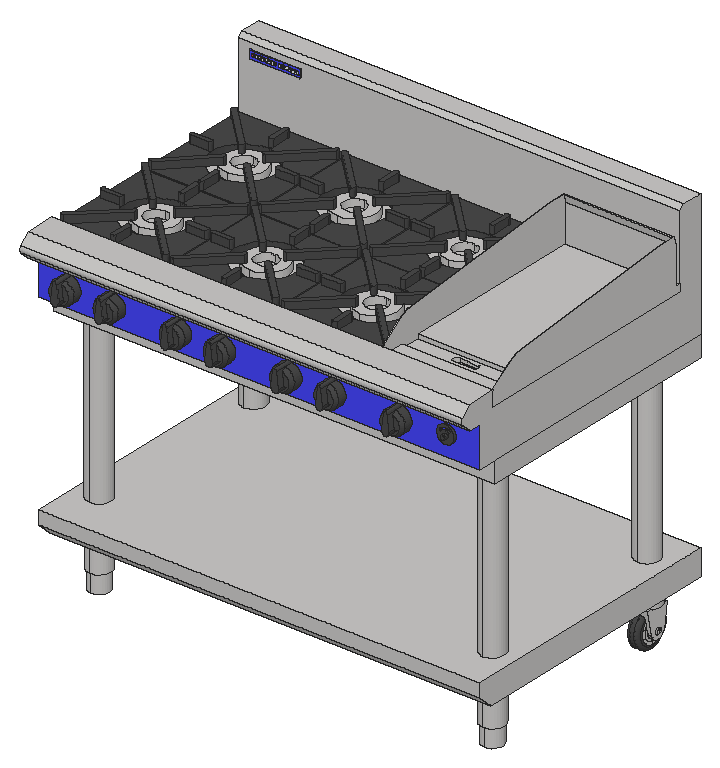
Revit family "QF_MOFFAT_BLUESEAL_CE_G518C-LS", category Specialty Equipment, Revit 2012 (continued)
Definition of nested family "GAS BURNER 900 & GRIDDLE 300"
  Definition of nested family "GAS BURNER 900"
    Lines and regions (mm)
      symbolic lines
        curve 126: spline (6.102, -603.347, 0) -> (5.341, -604.416, 0) -> (4.941, -605.721, 0) -> (4.928, -607.172, 0) -> (5.303, -608.671, 0) -> (6.041, -610.116, 0) -> (7.092, -611.408, 0) -> (8.384, -612.459, 0) -> (9.829, -613.197, 0) -> (11.328, -613.572, 0) -> (12.779, -613.559, 0) -> (14.084, -613.159, 0) -> (15.153, -612.398, 0)
        curve 127: line (15.153, -612.398, 0) -> (123.076, -505.975, 0)
        curve 128: spline (123.076, -505.975, 0) -> (123.837, -504.905, 0) -> (124.238, -503.601, 0) -> (124.251, -502.149, 0) -> (123.875, -500.65, 0) -> (123.137, -499.205, 0) -> (122.086, -497.914, 0) -> (120.795, -496.863, 0) -> (119.35, -496.125, 0) -> (117.851, -495.749, 0) -> (116.399, -495.762, 0) -> (115.095, -496.163, 0) -> (114.025, -496.924, 0)
        curve 129: line (156.4, -609.602, 0) -> (156.4, -561.898, 0)
        curve 130: spline (156.4, -561.898, 0) -> (156.182, -560.604, 0) -> (155.543, -559.398, 0) -> (154.525, -558.362, 0) -> (153.2, -557.568, 0) -> (151.656, -557.068, 0) -> (150, -556.898, 0) -> (148.344, -557.068, 0) -> (146.8, -557.568, 0) -> (145.475, -558.362, 0) -> (144.457, -559.398, 0) -> (143.818, -560.604, 0) -> (143.6, -561.898, 0)
        curve 131: line (143.6, -561.898, 0) -> (143.6, -609.602, 0)
        curve 132: spline (143.6, -609.602, 0) -> (143.818, -610.896, 0) -> (144.457, -612.102, 0) -> (145.475, -613.138, 0) -> (146.8, -613.932, 0) -> (148.344, -614.432, 0) -> (150, -614.602, 0) -> (151.656, -614.432, 0) -> (153.2, -613.932, 0) -> (154.525, -613.138, 0) -> (155.543, -612.102, 0) -> (156.182, -610.896, 0) -> (156.4, -609.602, 0)
        curve 133: line (176.924, -505.975, 0) -> (284.847, -612.398, 0)
        curve 134: spline (284.847, -612.398, 0) -> (285.916, -613.159, 0) -> (287.221, -613.559, 0) -> (288.672, -613.572, 0) -> (290.171, -613.197, 0) -> (291.616, -612.459, 0) -> (292.908, -611.408, 0) -> (293.959, -610.116, 0) -> (294.697, -608.671, 0) -> (295.072, -607.172, 0) -> (295.059, -605.721, 0) -> (294.659, -604.416, 0) -> (293.898, -603.347, 0)
        curve 135: line (293.898, -603.347, 0) -> (185.975, -496.924, 0)
        curve 136: spline (185.975, -496.924, 0) -> (184.905, -496.163, 0) -> (183.601, -495.762, 0) -> (182.149, -495.749, 0) -> (180.65, -496.125, 0) -> (179.205, -496.863, 0) -> (177.914, -497.914, 0) -> (176.863, -499.205, 0) -> (176.125, -500.65, 0) -> (175.749, -502.149, 0) -> (175.762, -503.601, 0) -> (176.163, -504.905, 0) -> (176.924, -505.975, 0)
        curve 137: arc (149.991, -384.418, 0) -> (179.687, -389.836, 0) -> (205.556, -405.393, 0) r 84.082
        curve 138: arc (149.991, -552.582, 0) -> (121.173, -547.489, 0) -> (95.845, -532.827, 0) r 84.082
        curve 139: arc (150, -523.5, 0) -> (167.666, -520.693, 0) -> (183.592, -512.55, 0) r 57
        curve 140: arc (150, -409.5, 0) -> (130.014, -413.119, 0) -> (112.566, -423.515, 0) r 57
        curve 141: arc (150, -436.5, 0) -> (180, -466.5, 0) -> (150, -496.5, 0) r 30
        curve 142: arc (150, -496.5, 0) -> (120, -466.5, 0) -> (150, -436.5, 0) r 30
        curve 143: line (291.102, -463.6, 0) -> (241.898, -463.6, 0)
        curve 144: spline (241.898, -463.6, 0) -> (240.604, -463.818, 0) -> (239.398, -464.457, 0) -> (238.362, -465.475, 0) -> (237.568, -466.8, 0) -> (237.068, -468.344, 0) -> (236.898, -470, 0) -> (237.068, -471.656, 0) -> (237.568, -473.2, 0) -> (238.362, -474.525, 0) -> (239.398, -475.543, 0) -> (240.604, -476.182, 0) -> (241.898, -476.4, 0)
        curve 145: line (241.898, -476.4, 0) -> (291.102, -476.4, 0)
        curve 146: spline (291.102, -476.4, 0) -> (292.396, -476.182, 0) -> (293.602, -475.543, 0) -> (294.638, -474.525, 0) -> (295.432, -473.2, 0) -> (295.932, -471.656, 0) -> (296.102, -470, 0) -> (295.932, -468.344, 0) -> (295.432, -466.8, 0) -> (294.638, -465.475, 0) -> (293.602, -464.457, 0) -> (292.396, -463.818, 0) -> (291.102, -463.6, 0)
        curve 147: line (423.076, -434.025, 0) -> (315.153, -326.102, 0)
        curve 148: spline (315.153, -326.102, 0) -> (314.084, -325.341, 0) -> (312.779, -324.941, 0) -> (311.328, -324.928, 0) -> (309.829, -325.303, 0) -> (308.384, -326.041, 0) -> (307.092, -327.092, 0) -> (306.041, -328.384, 0) -> (305.303, -329.829, 0) -> (304.928, -331.328, 0) -> (304.941, -332.779, 0) -> (305.341, -334.084, 0) -> (306.102, -335.153, 0)
        curve 149: line (306.102, -335.153, 0) -> (414.025, -443.076, 0)
        curve 150: spline (414.025, -443.076, 0) -> (415.095, -443.837, 0) -> (416.399, -444.238, 0) -> (417.851, -444.251, 0) -> (419.35, -443.875, 0) -> (420.795, -443.137, 0) -> (422.086, -442.086, 0) -> (423.137, -440.795, 0) -> (423.875, -439.35, 0) -> (424.251, -437.851, 0) -> (424.238, -436.399, 0) -> (423.837, -435.095, 0) -> (423.076, -434.025, 0)
        curve 151: line (443.6, -328.898, 0) -> (443.6, -378.102, 0)
        curve 152: spline (443.6, -378.102, 0) -> (443.818, -379.396, 0) -> (444.457, -380.602, 0) -> (445.475, -381.638, 0) -> (446.8, -382.432, 0) -> (448.344, -382.932, 0) -> (450, -383.102, 0) -> (451.656, -382.932, 0) -> (453.2, -382.432, 0) -> (454.525, -381.638, 0) -> (455.543, -380.602, 0) -> (456.182, -379.396, 0) -> (456.4, -378.102, 0)
        curve 153: line (456.4, -378.102, 0) -> (456.4, -328.898, 0)
        curve 154: spline (456.4, -328.898, 0) -> (456.182, -327.604, 0) -> (455.543, -326.398, 0) -> (454.525, -325.362, 0) -> (453.2, -324.568, 0) -> (451.656, -324.068, 0) -> (450, -323.898, 0) -> (448.344, -324.068, 0) -> (446.8, -324.568, 0) -> (445.475, -325.362, 0) -> (444.457, -326.398, 0) -> (443.818, -327.604, 0) -> (443.6, -328.898, 0)
        curve 155: line (584.847, -326.102, 0) -> (476.924, -434.025, 0)
        curve 156: spline (476.924, -434.025, 0) -> (476.163, -435.095, 0) -> (475.762, -436.399, 0) -> (475.749, -437.851, 0) -> (476.125, -439.35, 0) -> (476.863, -440.795, 0) -> (477.914, -442.086, 0) -> (479.205, -443.137, 0) -> (480.65, -443.875, 0) -> (482.149, -444.251, 0) -> (483.601, -444.238, 0) -> (484.905, -443.837, 0) -> (485.975, -443.076, 0)
        curve 157: line (485.975, -443.076, 0) -> (593.898, -335.153, 0)
        curve 158: spline (593.898, -335.153, 0) -> (594.819, -333.924, 0) -> (595.369, -332.47, 0) -> (595.51, -330.89, 0) -> (595.233, -329.292, 0) -> (594.557, -327.786, 0) -> (593.527, -326.473, 0) -> (592.214, -325.443, 0) -> (590.708, -324.767, 0) -> (589.11, -324.49, 0) -> (587.53, -324.631, 0) -> (586.076, -325.181, 0) -> (584.847, -326.102, 0)
        curve 159: line (591.102, -463.6, 0) -> (541.898, -463.6, 0)
        curve 160: spline (541.898, -463.6, 0) -> (540.604, -463.818, 0) -> (539.398, -464.457, 0) -> (538.362, -465.475, 0) -> (537.568, -466.8, 0) -> (537.068, -468.344, 0) -> (536.898, -470, 0) -> (537.068, -471.656, 0) -> (537.568, -473.2, 0) -> (538.362, -474.525, 0) -> (539.398, -475.543, 0) -> (540.604, -476.182, 0) -> (541.898, -476.4, 0)
        curve 161: line (541.898, -476.4, 0) -> (591.102, -476.4, 0)
        curve 162: spline (591.102, -476.4, 0) -> (592.396, -476.182, 0) -> (593.602, -475.543, 0) -> (594.638, -474.525, 0) -> (595.432, -473.2, 0) -> (595.932, -471.656, 0) -> (596.102, -470, 0) -> (595.932, -468.344, 0) -> (595.432, -466.8, 0) -> (594.638, -465.475, 0) -> (593.602, -464.457, 0) -> (592.396, -463.818, 0) -> (591.102, -463.6, 0)
        curve 163: line (593.898, -603.347, 0) -> (485.975, -496.924, 0)
        curve 164: spline (485.975, -496.924, 0) -> (484.905, -496.163, 0) -> (483.601, -495.762, 0) -> (482.149, -495.749, 0) -> (480.65, -496.125, 0) -> (479.205, -496.863, 0) -> (477.914, -497.914, 0) -> (476.863, -499.205, 0) -> (476.125, -500.65, 0) -> (475.749, -502.149, 0) -> (475.762, -503.601, 0) -> (476.163, -504.905, 0) -> (476.924, -505.975, 0)
        curve 165: line (476.924, -505.975, 0) -> (584.847, -612.398, 0)
        curve 166: spline (584.847, -612.398, 0) -> (585.916, -613.159, 0) -> (587.221, -613.559, 0) -> (588.672, -613.572, 0) -> (590.171, -613.197, 0) -> (591.616, -612.459, 0) -> (592.908, -611.408, 0) -> (593.959, -610.116, 0) -> (594.697, -608.671, 0) -> (595.072, -607.172, 0) -> (595.059, -605.721, 0) -> (594.659, -604.416, 0) -> (593.898, -603.347, 0)
        curve 167: line (315.153, -612.398, 0) -> (423.076, -505.975, 0)
        curve 168: spline (423.076, -505.975, 0) -> (423.837, -504.905, 0) -> (424.238, -503.601, 0) -> (424.251, -502.149, 0) -> (423.875, -500.65, 0) -> (423.137, -499.205, 0) -> (422.086, -497.914, 0) -> (420.795, -496.863, 0) -> (419.35, -496.125, 0) -> (417.851, -495.749, 0) -> (416.399, -495.762, 0) -> (415.095, -496.163, 0) -> (414.025, -496.924, 0)
        curve 169: line (414.025, -496.924, 0) -> (306.102, -603.347, 0)
        curve 170: spline (306.102, -603.347, 0) -> (305.341, -604.416, 0) -> (304.941, -605.721, 0) -> (304.928, -607.172, 0) -> (305.303, -608.671, 0) -> (306.041, -610.116, 0) -> (307.092, -611.408, 0) -> (308.384, -612.459, 0) -> (309.829, -613.197, 0) -> (311.328, -613.572, 0) -> (312.779, -613.559, 0) -> (314.084, -613.159, 0) -> (315.153, -612.398, 0)
        curve 171: line (308.898, -476.4, 0) -> (358.102, -476.4, 0)
        curve 172: spline (358.102, -476.4, 0) -> (359.396, -476.182, 0) -> (360.602, -475.543, 0) -> (361.638, -474.525, 0) -> (362.432, -473.2, 0) -> (362.932, -471.656, 0) -> (363.102, -470, 0) -> (362.932, -468.344, 0) -> (362.432, -466.8, 0) -> (361.638, -465.475, 0) -> (360.602, -464.457, 0) -> (359.396, -463.818, 0) -> (358.102, -463.6, 0)
        curve 173: line (358.102, -463.6, 0) -> (308.898, -463.6, 0)
        curve 174: spline (308.898, -463.6, 0) -> (307.604, -463.818, 0) -> (306.398, -464.457, 0) -> (305.362, -465.475, 0) -> (304.568, -466.8, 0) -> (304.068, -468.344, 0) -> (303.898, -470, 0) -> (304.068, -471.656, 0) -> (304.568, -473.2, 0) -> (305.362, -474.525, 0) -> (306.398, -475.543, 0) -> (307.604, -476.182, 0) -> (308.898, -476.4, 0)
        curve 175: line (456.4, -609.602, 0) -> (456.4, -561.898, 0)
        curve 176: spline (456.4, -561.898, 0) -> (456.182, -560.604, 0) -> (455.543, -559.398, 0) -> (454.525, -558.362, 0) -> (453.2, -557.568, 0) -> (451.656, -557.068, 0) -> (450, -556.898, 0) -> (448.344, -557.068, 0) -> (446.8, -557.568, 0) -> (445.475, -558.362, 0) -> (444.457, -559.398, 0) -> (443.818, -560.604, 0) -> (443.6, -561.898, 0)
        curve 177: line (443.6, -561.898, 0) -> (443.6, -609.602, 0)
        curve 178: spline (443.6, -609.602, 0) -> (443.818, -610.896, 0) -> (444.457, -612.102, 0) -> (445.475, -613.138, 0) -> (446.8, -613.932, 0) -> (448.344, -614.432, 0) -> (450, -614.602, 0) -> (451.656, -614.432, 0) -> (453.2, -613.932, 0) -> (454.525, -613.138, 0) -> (455.543, -612.102, 0) -> (456.182, -610.896, 0) -> (456.4, -609.602, 0)
        curve 179: arc (450.009, -384.418, 0) -> (479.699, -389.834, 0) -> (505.564, -405.385, 0) r 84.082
        curve 180: arc (450.009, -552.582, 0) -> (417.885, -546.204, 0) -> (390.635, -528.036, 0) r 84.082
        curve 181: arc (450, -523.5, 0) -> (467.666, -520.693, 0) -> (483.592, -512.55, 0) r 57
        curve 182: arc (450, -409.5, 0) -> (430.014, -413.119, 0) -> (412.566, -423.515, 0) r 57
        curve 183: arc (450, -436.5, 0) -> (480, -466.5, 0) -> (450, -496.5, 0) r 30
        curve 184: arc (450, -496.5, 0) -> (420, -466.5, 0) -> (450, -436.5, 0) r 30
        curve 185: arc (96.324, -103.773, 0) -> (121.466, -89.404, 0) -> (149.991, -84.418, 0) r 84.082
        curve 186: arc (212.871, -112.68, 0) -> (234.066, -167.408, 0) -> (214.3, -222.668, 0) r 84.082
        curve 187: arc (194.454, -202.178, 0) -> (207, -166.598, 0) -> (194.576, -130.975, 0) r 57
        curve 188: arc (114.628, -211.197, 0) -> (131.275, -220.336, 0) -> (150, -223.5, 0) r 57
        curve 189: arc (405.424, -130.975, 0) -> (393, -166.598, 0) -> (405.546, -202.178, 0) r 57
        curve 190: arc (485.525, -121.924, 0) -> (468.817, -112.696, 0) -> (450, -109.5, 0) r 57
        curve 191: arc (494.454, -202.178, 0) -> (507, -166.598, 0) -> (494.576, -130.975, 0) r 57
        curve 192: arc (414.628, -211.197, 0) -> (431.275, -220.336, 0) -> (450, -223.5, 0) r 57
        curve 193: arc (105.424, -130.975, 0) -> (93, -166.598, 0) -> (105.546, -202.178, 0) r 57
        curve 194: arc (514.501, -414.55, 0) -> (534.086, -469.429, 0) -> (513.293, -523.862, 0) r 84.082
        curve 195: arc (504.155, -532.827, 0) -> (478.827, -547.489, 0) -> (450.009, -552.582, 0) r 84.082
        curve 196: arc (493.031, -503.881, 0) -> (506.947, -468.956, 0) -> (496.089, -432.962, 0) r 57
        curve 197: arc (416.408, -512.55, 0) -> (432.334, -520.693, 0) -> (450, -523.5, 0) r 57
        curve 198: arc (403.911, -432.962, 0) -> (393.053, -468.956, 0) -> (406.969, -503.881, 0) r 57
        curve 199: arc (487.434, -423.515, 0) -> (469.986, -413.119, 0) -> (450, -409.5, 0) r 57
        curve 200: arc (187.434, -423.515, 0) -> (169.986, -413.119, 0) -> (150, -409.5, 0) r 57
        curve 201: arc (103.911, -432.962, 0) -> (93.053, -468.956, 0) -> (106.969, -503.881, 0) r 57
        curve 202: arc (109.732, -506.842, 0) -> (110.614, -507.704, 0) -> (111.516, -508.547, 0) r 57
        curve 203: arc (193.031, -503.881, 0) -> (206.947, -468.956, 0) -> (196.089, -432.962, 0) r 57
        curve 204: arc (214.491, -414.56, 0) -> (234.068, -469.429, 0) -> (213.283, -523.853, 0) r 84.082
        curve 205: arc (94.436, -405.385, 0) -> (120.301, -389.834, 0) -> (149.991, -384.418, 0) r 84.082
        curve 206: arc (86.707, -523.862, 0) -> (65.914, -469.429, 0) -> (85.499, -414.55, 0) r 84.082
        curve 207: arc (116.408, -512.55, 0) -> (132.334, -520.693, 0) -> (150, -523.5, 0) r 57
        curve 208: arc (204.147, -532.819, 0) -> (178.816, -547.487, 0) -> (149.991, -552.582, 0) r 84.082
        curve 209: arc (394.444, -405.393, 0) -> (420.313, -389.836, 0) -> (450.009, -384.418, 0) r 84.082
        curve 210: arc (390.635, -528.036, 0) -> (366.012, -472.294, 0) -> (385.509, -414.56, 0) r 84.082
        curve 211: arc (185.525, -121.924, 0) -> (168.817, -112.696, 0) -> (150, -109.5, 0) r 57
        curve 212: arc (396.332, -103.781, 0) -> (421.477, -89.406, 0) -> (450.009, -84.418, 0) r 84.082
        curve 213: arc (512.881, -112.67, 0) -> (534.084, -167.408, 0) -> (514.31, -222.678, 0) r 84.082
        curve 214: arc (505.339, -231.812, 0) -> (479.559, -247.219, 0) -> (450.009, -252.582, 0) r 84.082
        curve 215: arc (385.7, -222.668, 0) -> (365.934, -167.408, 0) -> (387.129, -112.68, 0) r 84.082
        curve 216: arc (205.331, -231.803, 0) -> (179.547, -247.216, 0) -> (149.991, -252.582, 0) r 84.082
        curve 217: arc (85.69, -222.678, 0) -> (65.916, -167.408, 0) -> (87.119, -112.67, 0) r 84.082
        curve 218: spline (724.076, -130.525, 0) -> (724.837, -131.595, 0) -> (725.238, -132.899, 0) -> (725.251, -134.351, 0) -> (724.875, -135.85, 0) -> (724.137, -137.295, 0) -> (723.086, -138.586, 0) -> (721.795, -139.637, 0) -> (720.35, -140.375, 0) -> (718.851, -140.751, 0) -> (717.399, -140.738, 0) -> (716.095, -140.337, 0) -> (715.025, -139.576, 0)
        curve 219: spline (659.102, -160.1, 0) -> (660.396, -160.318, 0) -> (661.602, -160.957, 0) -> (662.638, -161.975, 0) -> (663.432, -163.3, 0) -> (663.932, -164.844, 0) -> (664.102, -166.5, 0) -> (663.932, -168.156, 0) -> (663.432, -169.7, 0) -> (662.638, -171.025, 0) -> (661.602, -172.043, 0) -> (660.396, -172.682, 0) -> (659.102, -172.9, 0)
        curve 220: arc (751, -223.5, 0) -> (732.275, -220.336, 0) -> (715.628, -211.197, 0) r 57
        curve 221: arc (751, -109.5, 0) -> (769.817, -112.696, 0) -> (786.525, -121.924, 0) r 57
        curve 222: arc (751.009, -84.418, 0) -> (722.477, -89.406, 0) -> (697.332, -103.781, 0) r 84.082
        curve 223: arc (751.009, -252.582, 0) -> (780.559, -247.219, 0) -> (806.339, -231.812, 0) r 84.082
        curve 224: line (744.6, -74.602, 0) -> (744.6, -25.398, 0)
        curve 225: spline (744.6, -25.398, 0) -> (744.818, -24.104, 0) -> (745.457, -22.898, 0) -> (746.475, -21.862, 0) -> (747.8, -21.068, 0) -> (749.344, -20.568, 0) -> (751, -20.398, 0) -> (752.656, -20.568, 0) -> (754.2, -21.068, 0) -> (755.525, -21.862, 0) -> (756.543, -22.898, 0) -> (757.182, -24.104, 0) -> (757.4, -25.398, 0)
        curve 226: line (757.4, -25.398, 0) -> (757.4, -74.602, 0)
        curve 227: spline (757.4, -74.602, 0) -> (757.182, -75.896, 0) -> (756.543, -77.102, 0) -> (755.525, -78.138, 0) -> (754.2, -78.932, 0) -> (752.656, -79.432, 0) -> (751, -79.602, 0) -> (749.344, -79.432, 0) -> (747.8, -78.932, 0) -> (746.475, -78.138, 0) -> (745.457, -77.102, 0) -> (744.818, -75.896, 0) -> (744.6, -74.602, 0)
        curve 228: arc (897, 0, 0) -> (899.121, -0.879, 0) -> (900, -3, 0) r 3
        curve 229: line (900, -3, 0) -> (900, -315.5, 0)
        curve 230: arc (900, -315.5, 0) -> (899.121, -317.621, 0) -> (897, -318.5, 0) r 3
        curve 231: arc (897, -321.5, 0) -> (899.121, -322.379, 0) -> (900, -324.5, 0) r 3
        curve 232: line (900, -324.5, 0) -> (900, -632, 0)
        curve 233: arc (900, -632, 0) -> (899.121, -634.121, 0) -> (897, -635, 0) r 3
        curve 234: spline (715.025, -193.424, 0) -> (716.095, -192.663, 0) -> (717.399, -192.262, 0) -> (718.851, -192.249, 0) -> (720.35, -192.625, 0) -> (721.795, -193.363, 0) -> (723.086, -194.414, 0) -> (724.137, -195.705, 0) -> (724.875, -197.15, 0) -> (725.251, -198.649, 0) -> (725.238, -200.101, 0) -> (724.837, -201.405, 0) -> (724.076, -202.475, 0)
        curve 235: line (885.847, -313.898, 0) -> (777.924, -202.475, 0)
        curve 236: spline (777.924, -202.475, 0) -> (777.163, -201.405, 0) -> (776.762, -200.101, 0) -> (776.749, -198.649, 0) -> (777.125, -197.15, 0) -> (777.863, -195.705, 0) -> (778.914, -194.414, 0) -> (780.205, -193.363, 0) -> (781.65, -192.625, 0) -> (783.149, -192.249, 0) -> (784.601, -192.262, 0) -> (785.905, -192.663, 0) -> (786.975, -193.424, 0)
        curve 237: line (786.975, -193.424, 0) -> (894.898, -304.847, 0)
        curve 238: spline (894.898, -304.847, 0) -> (895.659, -305.916, 0) -> (896.059, -307.221, 0) -> (896.072, -308.672, 0) -> (895.697, -310.171, 0) -> (894.959, -311.616, 0) -> (893.908, -312.908, 0) -> (892.616, -313.959, 0) -> (891.171, -314.697, 0) -> (889.672, -315.072, 0) -> (888.221, -315.059, 0) -> (886.916, -314.659, 0) -> (885.847, -313.898, 0)
        curve 239: line (892.102, -172.9, 0) -> (842.898, -172.9, 0)
        curve 240: spline (842.898, -172.9, 0) -> (841.604, -172.682, 0) -> (840.398, -172.043, 0) -> (839.362, -171.025, 0) -> (838.568, -169.7, 0) -> (838.068, -168.156, 0) -> (837.898, -166.5, 0) -> (838.068, -164.844, 0) -> (838.568, -163.3, 0) -> (839.362, -161.975, 0) -> (840.398, -160.957, 0) -> (841.604, -160.318, 0) -> (842.898, -160.1, 0)
        curve 241: line (842.898, -160.1, 0) -> (892.102, -160.1, 0)
        curve 242: spline (892.102, -160.1, 0) -> (893.396, -160.318, 0) -> (894.602, -160.957, 0) -> (895.638, -161.975, 0) -> (896.432, -163.3, 0) -> (896.932, -164.844, 0) -> (897.102, -166.5, 0) -> (896.932, -168.156, 0) -> (896.432, -169.7, 0) -> (895.638, -171.025, 0) -> (894.602, -172.043, 0) -> (893.396, -172.682, 0) -> (892.102, -172.9, 0)
        curve 243: line (894.898, -31.653, 0) -> (786.975, -139.576, 0)
        curve 244: spline (786.975, -139.576, 0) -> (785.905, -140.337, 0) -> (784.601, -140.738, 0) -> (783.149, -140.751, 0) -> (781.65, -140.375, 0) -> (780.205, -139.637, 0) -> (778.914, -138.586, 0) -> (777.863, -137.295, 0) -> (777.125, -135.85, 0) -> (776.749, -134.351, 0) -> (776.762, -132.899, 0) -> (777.163, -131.595, 0) -> (777.924, -130.525, 0)
        curve 245: line (777.924, -130.525, 0) -> (885.847, -22.602, 0)
        curve 246: spline (885.847, -22.602, 0) -> (887.076, -21.681, 0) -> (888.53, -21.131, 0) -> (890.11, -20.99, 0) -> (891.708, -21.267, 0) -> (893.214, -21.943, 0) -> (894.527, -22.973, 0) -> (895.557, -24.286, 0) -> (896.233, -25.792, 0) -> (896.51, -27.39, 0) -> (896.369, -28.97, 0) -> (895.819, -30.424, 0) -> (894.898, -31.653, 0)
        curve 247: arc (751, -136.5, 0) -> (721, -166.5, 0) -> (751, -196.5, 0) r 30
        curve 248: arc (751, -196.5, 0) -> (781, -166.5, 0) -> (751, -136.5, 0) r 30
        curve 249: line (744.6, -311.102, 0) -> (744.6, -261.898, 0)
        curve 250: spline (744.6, -261.898, 0) -> (744.818, -260.604, 0) -> (745.457, -259.398, 0) -> (746.475, -258.362, 0) -> (747.8, -257.568, 0) -> (749.344, -257.068, 0) -> (751, -256.898, 0) -> (752.656, -257.068, 0) -> (754.2, -257.568, 0) -> (755.525, -258.362, 0) -> (756.543, -259.398, 0) -> (757.182, -260.604, 0) -> (757.4, -261.898, 0)
        curve 251: line (757.4, -261.898, 0) -> (757.4, -311.102, 0)
        curve 252: spline (757.4, -311.102, 0) -> (757.182, -312.396, 0) -> (756.543, -313.602, 0) -> (755.525, -314.638, 0) -> (754.2, -315.432, 0) -> (752.656, -315.932, 0) -> (751, -316.102, 0) -> (749.344, -315.932, 0) -> (747.8, -315.432, 0) -> (746.475, -314.638, 0) -> (745.457, -313.602, 0) -> (744.818, -312.396, 0) -> (744.6, -311.102, 0)
        curve 253: line (744.6, -378.102, 0) -> (744.6, -328.898, 0)
        curve 254: spline (744.6, -328.898, 0) -> (744.818, -327.604, 0) -> (745.457, -326.398, 0) -> (746.475, -325.362, 0) -> (747.8, -324.568, 0) -> (749.344, -324.068, 0) -> (751, -323.898, 0) -> (752.656, -324.068, 0) -> (754.2, -324.568, 0) -> (755.525, -325.362, 0) -> (756.543, -326.398, 0) -> (757.182, -327.604, 0) -> (757.4, -328.898, 0)
        curve 255: line (757.4, -328.898, 0) -> (757.4, -378.102, 0)
        curve 256: spline (757.4, -378.102, 0) -> (757.182, -379.396, 0) -> (756.543, -380.602, 0) -> (755.525, -381.638, 0) -> (754.2, -382.432, 0) -> (752.656, -382.932, 0) -> (751, -383.102, 0) -> (749.344, -382.932, 0) -> (747.8, -382.432, 0) -> (746.475, -381.638, 0) -> (745.457, -380.602, 0) -> (744.818, -379.396, 0) -> (744.6, -378.102, 0)
        curve 257: spline (724.076, -434.025, 0) -> (724.837, -435.095, 0) -> (725.238, -436.399, 0) -> (725.251, -437.851, 0) -> (724.875, -439.35, 0) -> (724.137, -440.795, 0) -> (723.086, -442.086, 0) -> (721.795, -443.137, 0) -> (720.35, -443.875, 0) -> (718.851, -444.251, 0) -> (717.399, -444.238, 0) -> (716.095, -443.837, 0) -> (715.025, -443.076, 0)
        curve 258: line (777.924, -434.025, 0) -> (885.847, -326.102, 0)
        curve 259: spline (885.847, -326.102, 0) -> (887.076, -325.181, 0) -> (888.53, -324.631, 0) -> (890.11, -324.49, 0) -> (891.708, -324.767, 0) -> (893.214, -325.443, 0) -> (894.527, -326.473, 0) -> (895.557, -327.786, 0) -> (896.233, -329.292, 0) -> (896.51, -330.89, 0) -> (896.369, -332.47, 0) -> (895.819, -333.924, 0) -> (894.898, -335.153, 0)
        curve 260: line (894.898, -335.153, 0) -> (786.975, -443.076, 0)
        curve 261: spline (786.975, -443.076, 0) -> (785.905, -443.837, 0) -> (784.601, -444.238, 0) -> (783.149, -444.251, 0) -> (781.65, -443.875, 0) -> (780.205, -443.137, 0) -> (778.914, -442.086, 0) -> (777.863, -440.795, 0) -> (777.125, -439.35, 0) -> (776.749, -437.851, 0) -> (776.762, -436.399, 0) -> (777.163, -435.095, 0) -> (777.924, -434.025, 0)
        curve 262: line (842.898, -463.6, 0) -> (892.102, -463.6, 0)
        curve 263: spline (892.102, -463.6, 0) -> (893.396, -463.818, 0) -> (894.602, -464.457, 0) -> (895.638, -465.475, 0) -> (896.432, -466.8, 0) -> (896.932, -468.344, 0) -> (897.102, -470, 0) -> (896.932, -471.656, 0) -> (896.432, -473.2, 0) -> (895.638, -474.525, 0) -> (894.602, -475.543, 0) -> (893.396, -476.182, 0) -> (892.102, -476.4, 0)
        curve 264: line (892.102, -476.4, 0) -> (842.898, -476.4, 0)
        curve 265: spline (842.898, -476.4, 0) -> (841.604, -476.182, 0) -> (840.398, -475.543, 0) -> (839.362, -474.525, 0) -> (838.568, -473.2, 0) -> (838.068, -471.656, 0) -> (837.898, -470, 0) -> (838.068, -468.344, 0) -> (838.568, -466.8, 0) -> (839.362, -465.475, 0) -> (840.398, -464.457, 0) -> (841.604, -463.818, 0) -> (842.898, -463.6, 0)
        curve 266: line (786.975, -496.924, 0) -> (894.898, -603.347, 0)
        curve 267: spline (894.898, -603.347, 0) -> (895.659, -604.416, 0) -> (896.059, -605.721, 0) -> (896.072, -607.172, 0) -> (895.697, -608.671, 0) -> (894.959, -610.116, 0) -> (893.908, -611.408, 0) -> (892.616, -612.459, 0) -> (891.171, -613.197, 0) -> (889.672, -613.572, 0) -> (888.221, -613.559, 0) -> (886.916, -613.159, 0) -> (885.847, -612.398, 0)
        curve 268: line (885.847, -612.398, 0) -> (777.924, -505.975, 0)
        curve 269: spline (777.924, -505.975, 0) -> (777.163, -504.905, 0) -> (776.762, -503.601, 0) -> (776.749, -502.149, 0) -> (777.125, -500.65, 0) -> (777.863, -499.205, 0) -> (778.914, -497.914, 0) -> (780.205, -496.863, 0) -> (781.65, -496.125, 0) -> (783.149, -495.749, 0) -> (784.601, -495.762, 0) -> (785.905, -496.163, 0) -> (786.975, -496.924, 0)
        curve 270: line (744.6, -609.602, 0) -> (744.6, -561.898, 0)
        curve 271: spline (744.6, -561.898, 0) -> (744.818, -560.604, 0) -> (745.457, -559.398, 0) -> (746.475, -558.362, 0) -> (747.8, -557.568, 0) -> (749.344, -557.068, 0) -> (751, -556.898, 0) -> (752.656, -557.068, 0) -> (754.2, -557.568, 0) -> (755.525, -558.362, 0) -> (756.543, -559.398, 0) -> (757.182, -560.604, 0) -> (757.4, -561.898, 0)
        curve 272: line (757.4, -561.898, 0) -> (757.4, -609.602, 0)
        curve 273: spline (757.4, -609.602, 0) -> (757.182, -610.896, 0) -> (756.543, -612.102, 0) -> (755.525, -613.138, 0) -> (754.2, -613.932, 0) -> (752.656, -614.432, 0) -> (751, -614.602, 0) -> (749.344, -614.432, 0) -> (747.8, -613.932, 0) -> (746.475, -613.138, 0) -> (745.457, -612.102, 0) -> (744.818, -610.896, 0) -> (744.6, -609.602, 0)
        curve 274: spline (715.025, -496.924, 0) -> (716.095, -496.163, 0) -> (717.399, -495.762, 0) -> (718.851, -495.749, 0) -> (720.35, -496.125, 0) -> (721.795, -496.863, 0) -> (723.086, -497.914, 0) -> (724.137, -499.205, 0) -> (724.875, -500.65, 0) -> (725.251, -502.149, 0) -> (725.238, -503.601, 0) -> (724.837, -504.905, 0) -> (724.076, -505.975, 0)
        curve 275: arc (751.009, -384.418, 0) -> (721.313, -389.836, 0) -> (695.444, -405.393, 0) r 84.082
        curve 276: arc (751.009, -552.582, 0) -> (779.827, -547.489, 0) -> (805.155, -532.827, 0) r 84.082
        curve 277: arc (751, -523.5, 0) -> (733.334, -520.693, 0) -> (717.408, -512.55, 0) r 57
        curve 278: arc (751, -409.5, 0) -> (770.986, -413.119, 0) -> (788.434, -423.515, 0) r 57
        curve 279: arc (751, -436.5, 0) -> (721, -466.5, 0) -> (751, -496.5, 0) r 30
        curve 280: arc (751, -496.5, 0) -> (781, -466.5, 0) -> (751, -436.5, 0) r 30
        curve 281: spline (659.102, -463.6, 0) -> (660.396, -463.818, 0) -> (661.602, -464.457, 0) -> (662.638, -465.475, 0) -> (663.432, -466.8, 0) -> (663.932, -468.344, 0) -> (664.102, -470, 0) -> (663.932, -471.656, 0) -> (663.432, -473.2, 0) -> (662.638, -474.525, 0) -> (661.602, -475.543, 0) -> (660.396, -476.182, 0) -> (659.102, -476.4, 0)
        curve 282: arc (804.676, -103.773, 0) -> (779.534, -89.404, 0) -> (751.009, -84.418, 0) r 84.082
        curve 283: arc (688.129, -112.68, 0) -> (666.934, -167.408, 0) -> (686.7, -222.668, 0) r 84.082
        curve 284: arc (706.546, -202.178, 0) -> (694, -166.598, 0) -> (706.424, -130.975, 0) r 57
        curve 285: arc (786.372, -211.197, 0) -> (769.725, -220.336, 0) -> (751, -223.5, 0) r 57
        curve 286: arc (795.576, -130.975, 0) -> (808, -166.598, 0) -> (795.454, -202.178, 0) r 57
        curve 287: arc (713.566, -423.515, 0) -> (731.014, -413.119, 0) -> (751, -409.5, 0) r 57
        curve 288: arc (797.089, -432.962, 0) -> (807.947, -468.956, 0) -> (794.031, -503.881, 0) r 57
        curve 289: arc (791.268, -506.842, 0) -> (790.386, -507.704, 0) -> (789.484, -508.547, 0) r 57
        curve 290: arc (707.969, -503.881, 0) -> (694.053, -468.956, 0) -> (704.911, -432.962, 0) r 57
        curve 291: arc (686.509, -414.56, 0) -> (666.932, -469.429, 0) -> (687.717, -523.853, 0) r 84.082
        curve 292: arc (806.564, -405.385, 0) -> (780.699, -389.834, 0) -> (751.009, -384.418, 0) r 84.082
        curve 293: arc (814.293, -523.862, 0) -> (835.086, -469.429, 0) -> (815.501, -414.55, 0) r 84.082
        curve 294: arc (784.592, -512.55, 0) -> (768.666, -520.693, 0) -> (751, -523.5, 0) r 57
        curve 295: arc (696.853, -532.819, 0) -> (722.184, -547.487, 0) -> (751.009, -552.582, 0) r 84.082
        curve 296: arc (715.475, -121.924, 0) -> (732.183, -112.696, 0) -> (751, -109.5, 0) r 57
        curve 297: arc (695.669, -231.803, 0) -> (721.453, -247.216, 0) -> (751.009, -252.582, 0) r 84.082
        curve 298: arc (815.31, -222.678, 0) -> (835.084, -167.408, 0) -> (813.881, -112.67, 0) r 84.082
        curve 299: line (616.153, -612.398, 0) -> (724.076, -505.975, 0)
        curve 300: line (715.025, -496.924, 0) -> (607.102, -603.347, 0)
        curve 301: spline (607.102, -603.347, 0) -> (606.341, -604.416, 0) -> (605.941, -605.721, 0) -> (605.928, -607.172, 0) -> (606.303, -608.671, 0) -> (607.041, -610.116, 0) -> (608.092, -611.408, 0) -> (609.384, -612.459, 0) -> (610.829, -613.197, 0) -> (612.328, -613.572, 0) -> (613.779, -613.559, 0) -> (615.084, -613.159, 0) -> (616.153, -612.398, 0)
        curve 302: line (602, -324.5, 0) -> (602, -632, 0)
        curve 303: arc (602, -632, 0) -> (602.879, -634.121, 0) -> (605, -635, 0) r 3
        curve 304: line (605, -635, 0) -> (897, -635, 0)
        curve 305: arc (897, -635, 0) -> (899.121, -634.121, 0) -> (900, -632, 0) r 3
        curve 306: line (900, -632, 0) -> (900, -324.5, 0)
        curve 307: arc (900, -324.5, 0) -> (899.121, -322.379, 0) -> (897, -321.5, 0) r 3
        curve 308: line (897, -321.5, 0) -> (605, -321.5, 0)
        curve 309: arc (605, -321.5, 0) -> (602.879, -322.379, 0) -> (602, -324.5, 0) r 3
        curve 310: line (609.898, -476.4, 0) -> (659.102, -476.4, 0)
        curve 311: line (659.102, -463.6, 0) -> (609.898, -463.6, 0)
        curve 312: spline (609.898, -463.6, 0) -> (608.604, -463.818, 0) -> (607.398, -464.457, 0) -> (606.362, -465.475, 0) -> (605.568, -466.8, 0) -> (605.068, -468.344, 0) -> (604.898, -470, 0) -> (605.068, -471.656, 0) -> (605.568, -473.2, 0) -> (606.362, -474.525, 0) -> (607.398, -475.543, 0) -> (608.604, -476.182, 0) -> (609.898, -476.4, 0)
        curve 313: line (607.102, -335.153, 0) -> (715.025, -443.076, 0)
        curve 314: line (724.076, -434.025, 0) -> (616.153, -326.102, 0)
        curve 315: spline (616.153, -326.102, 0) -> (615.084, -325.341, 0) -> (613.779, -324.941, 0) -> (612.328, -324.928, 0) -> (610.829, -325.303, 0) -> (609.384, -326.041, 0) -> (608.092, -327.092, 0) -> (607.041, -328.384, 0) -> (606.303, -329.829, 0) -> (605.928, -331.328, 0) -> (605.941, -332.779, 0) -> (606.341, -334.084, 0) -> (607.102, -335.153, 0)
        curve 316: line (616.153, -313.898, 0) -> (724.076, -202.475, 0)
        curve 317: spline (607.102, -304.847, 0) -> (606.341, -305.916, 0) -> (605.941, -307.221, 0) -> (605.928, -308.672, 0) -> (606.303, -310.171, 0) -> (607.041, -311.616, 0) -> (608.092, -312.908, 0) -> (609.384, -313.959, 0) -> (610.829, -314.697, 0) -> (612.328, -315.072, 0) -> (613.779, -315.059, 0) -> (615.084, -314.659, 0) -> (616.153, -313.898, 0)
        curve 318: line (715.025, -193.424, 0) -> (607.102, -304.847, 0)
        curve 319: line (605, -318.5, 0) -> (897, -318.5, 0)
        curve 320: arc (602, -315.5, 0) -> (602.879, -317.621, 0) -> (605, -318.5, 0) r 3
        curve 321: line (602, -3, 0) -> (602, -315.5, 0)
        curve 322: arc (605, 0, 0) -> (602.879, -0.879, 0) -> (602, -3, 0) r 3
        curve 323: line (609.898, -172.9, 0) -> (659.102, -172.9, 0)
        curve 324: line (659.102, -160.1, 0) -> (609.898, -160.1, 0)
        curve 325: spline (609.898, -160.1, 0) -> (608.604, -160.318, 0) -> (607.398, -160.957, 0) -> (606.362, -161.975, 0) -> (605.568, -163.3, 0) -> (605.068, -164.844, 0) -> (604.898, -166.5, 0) -> (605.068, -168.156, 0) -> (605.568, -169.7, 0) -> (606.362, -171.025, 0) -> (607.398, -172.043, 0) -> (608.604, -172.682, 0) -> (609.898, -172.9, 0)
        curve 326: line (607.102, -31.653, 0) -> (715.025, -139.576, 0)
        curve 327: line (724.076, -130.525, 0) -> (616.153, -22.602, 0)
        curve 328: spline (616.153, -22.602, 0) -> (615.084, -21.841, 0) -> (613.779, -21.441, 0) -> (612.328, -21.428, 0) -> (610.829, -21.803, 0) -> (609.384, -22.541, 0) -> (608.092, -23.592, 0) -> (607.041, -24.884, 0) -> (606.303, -26.329, 0) -> (605.928, -27.828, 0) -> (605.941, -29.279, 0) -> (606.341, -30.584, 0) -> (607.102, -31.653, 0)
        curve 329: line (897, 0, 0) -> (605, 0, 0)
    Dimensions and locks
      equal spacing: plane 3 "LEFT", plane 7 "Center Y", plane 4 "RIGHT"
      "Width": plane 3 "LEFT" to plane 4 "RIGHT"
      equal spacing: plane 5 "FRONT", plane 8 "Center X", plane 1 "BACK"
      "Depth": plane 5 "FRONT" to plane 1 "BACK"
      aligned and locked: level to plane 2
    Automatic sketch dimensions
      curve 29 to curve 30 = 0 mm
      curve 29 to curve 33 = 0 mm
      curve 29 to curve 189 = 0 mm
      curve 29 to curve 190 = 0 mm  (x2)
      curve 29 to curve 191 = 0 mm  (x2)
      curve 29 to curve 192 = 0 mm
      curve 30 to curve 33 = 0 mm
      curve 30 to curve 189 = 0 mm
      curve 31 to curve 32 = 0 mm  (x2)
      curve 31 to curve 212 = 0 mm
      curve 31 to curve 213 = 0 mm  (x2)
      curve 31 to curve 214 = 0 mm
      curve 31 to curve 215 = 0 mm  (x2)
      curve 35 to curve 36 = 0 mm
      curve 35 to curve 103 = 0 mm  (x2)
      curve 35 to curve 187 = 0 mm  (x2)
      curve 35 to curve 188 = 0 mm
      curve 35 to curve 193 = 0 mm
      curve 35 to curve 211 = 0 mm  (x2)
      curve 36 to curve 193 = 0 mm
      curve 37 to curve 38 = 0 mm  (x2)
      curve 37 to curve 185 = 0 mm
      curve 37 to curve 186 = 0 mm  (x2)
      curve 37 to curve 216 = 0 mm
      curve 37 to curve 217 = 0 mm  (x2)
      curve 137 to curve 138 = 0 mm  (x2)
      curve 137 to curve 204 = 0 mm  (x2)
      curve 137 to curve 205 = 0 mm
      curve 137 to curve 206 = 0 mm  (x2)
      curve 137 to curve 208 = 0 mm
      curve 139 to curve 140 = 0 mm
      curve 139 to curve 141 = 0 mm  (x2)
      curve 139 to curve 200 = 0 mm  (x2)
      curve 139 to curve 201 = 0 mm
      curve 139 to curve 202 = 0 mm
      curve 139 to curve 203 = 0 mm  (x2)
      curve 139 to curve 207 = 0 mm
      curve 140 to curve 201 = 0 mm
      curve 140 to curve 202 = 0 mm
      curve 179 to curve 180 = 0 mm  (x2)
      curve 179 to curve 194 = 0 mm  (x2)
      curve 179 to curve 195 = 0 mm
      curve 179 to curve 209 = 0 mm
      curve 179 to curve 210 = 0 mm  (x2)
      curve 181 to curve 182 = 0 mm  (x2)
      curve 181 to curve 183 = 0 mm  (x2)
      curve 181 to curve 196 = 0 mm  (x2)
      curve 181 to curve 197 = 0 mm
      curve 181 to curve 198 = 0 mm  (x2)
      curve 181 to curve 199 = 0 mm
      curve 220 to curve 221 = 0 mm
      curve 220 to curve 247 = 0 mm  (x2)
      curve 220 to curve 284 = 0 mm
      curve 222 to curve 223 = 0 mm  (x2)
      curve 222 to curve 282 = 0 mm
      curve 222 to curve 283 = 0 mm  (x2)
      curve 275 to curve 276 = 0 mm
      curve 275 to curve 291 = 0 mm
      curve 277 to curve 278 = 0 mm
      curve 277 to curve 279 = 0 mm
      curve 277 to curve 287 = 0 mm
      curve 278 to curve 280 = 0 mm
      curve 283 to curve 298 = 0 mm
      curve 284 to curve 296 = 0 mm  (x2)
      curve 285 to curve 296 = 0 mm  (x2)
      curve 286 to curve 296 = 0 mm  (x2)
      curve 287 to curve 294 = 0 mm  (x2)
      curve 288 to curve 294 = 0 mm  (x2)
      curve 289 to curve 294 = 0 mm  (x2)
      curve 290 to curve 294 = 0 mm  (x2)
      curve 291 to curve 295 = 0 mm  (x2)
      curve 292 to curve 295 = 0 mm  (x2)
      curve 293 to curve 295 = 0 mm  (x2)
      curve 297 to curve 298 = 0 mm  (x2)
      plane 5 "FRONT" to curve 75 = 0 mm
      plane 1 "BACK" to curve 64 = 0 mm
      plane 1 "BACK" to curve 55 = 0 mm
      plane 5 "FRONT" to curve 82 = 0 mm
      curve 33 to plane 7 "Center Y" = 0 mm
      curve 154 to plane 7 "Center Y" = 0 mm
      curve 54 to plane 7 "Center Y" = 0 mm
      curve 196 to plane 7 "Center Y" = 0 mm
      curve 178 to plane 7 "Center Y" = 0 mm
      curve 16 to plane 7 "Center Y" = 0 mm
      plane 5 "FRONT" to curve 233 = 0 mm
      curve 13 to curve 16 = 6.4 mm
      curve 154 to curve 154 = 6.4 mm
      curve 52 to curve 52 = 6.4 mm
      curve 177 to curve 178 = 6.4 mm
      curve 150 to plane 7 "Center Y" = 26.924 mm
      curve 10 to plane 7 "Center Y" = 26.924 mm
      curve 168 to plane 7 "Center Y" = 26.924 mm
      curve 50 to plane 7 "Center Y" = 26.924 mm
      curve 10 to curve 10 = 4.525 mm
      curve 50 to curve 50 = 4.525 mm
      curve 168 to curve 167 = 4.525 mm
      curve 150 to curve 147 = 4.525 mm
      curve 197 to curve 167 = 6.668 mm
      curve 192 to curve 49 = 8.448 mm
      curve 30 to curve 10 = 8.601 mm
      curve 169 to curve 168 = 4.525 mm
      curve 182 to curve 150 = 10.51 mm
      curve 198 to curve 168 = 7.056 mm
      curve 189 to curve 50 = 8.479 mm
      curve 189 to curve 9 = 8.601 mm
      curve 198 to curve 182 = 8.655 mm
      curve 212 to curve 30 = 18.144 mm
      curve 32 to curve 192 = 19.959 mm
      curve 209 to curve 182 = 18.122 mm
      curve 210 to curve 198 = 16.335 mm
      curve 215 to curve 212 = 9.203 mm
      curve 215 to curve 32 = 8.969 mm
      curve 210 to curve 209 = 8.936 mm
      curve 45 to curve 189 = 47.444 mm
      curve 172 to curve 198 = 45.809 mm
      curve 167 to plane 5 "FRONT" = 22.602 mm
      curve 167 to curve 180 = 75.481 mm
      curve 147 to plane 8 "Center X" = 8.602 mm
      curve 147 to curve 209 = 79.291 mm
      plane 1 "BACK" to curve 12 = 22.602 mm
      plane 8 "Center X" to curve 49 = 3.602 mm
      curve 49 to curve 147 = 0 mm
      curve 148 to curve 147 = 4.525 mm
      curve 12 to curve 12 = 4.525 mm
      curve 48 to curve 48 = 4.525 mm
      curve 170 to curve 167 = 4.525 mm
      curve 44 to curve 46 = 49.204 mm
      curve 174 to curve 172 = 49.204 mm
      curve 80 to curve 148 = 6.628 mm
      curve 83 to curve 170 = 11.153 mm
      curve 56 to curve 12 = 11.153 mm
      plane 8 "Center X" to curve 58 = 2 mm
      curve 58 to curve 79 = 0 mm
      curve 57 to curve 56 = 3 mm
      curve 80 to curve 80 = 3 mm
      curve 76 to curve 81 = 2 mm
      curve 68 to curve 58 = 2 mm
      curve 68 to plane 8 "Center X" = 1 mm
      curve 68 to curve 69 = 3 mm
      curve 78 to curve 77 = 3 mm
      curve 63 to curve 69 = 3 mm
      curve 75 to curve 76 = 3 mm
      curve 90 to curve 68 = 2.102 mm
      curve 4 to curve 12 = 12.205 mm
      curve 115 to plane 8 "Center X" = 17.653 mm
      curve 115 to curve 78 = 2.102 mm
      curve 134 to curve 170 = 12.205 mm
      curve 8 to curve 45 = 17.796 mm
      curve 145 to curve 171 = 17.796 mm
      curve 4 to curve 4 = 4.525 mm
      curve 134 to curve 134 = 4.525 mm
      curve 90 to curve 90 = 4.525 mm
      curve 116 to curve 116 = 4.525 mm
      curve 6 to curve 5 = 49.204 mm
      curve 144 to curve 143 = 49.204 mm
      curve 204 to curve 144 = 27.407 mm
      curve 186 to curve 7 = 27.598 mm
      curve 204 to curve 145 = 28.615 mm
      curve 186 to curve 6 = 29.027 mm
      curve 137 to curve 204 = 8.936 mm
      curve 216 to curve 186 = 8.969 mm
      curve 208 to curve 204 = 9.136 mm
      curve 37 to curve 186 = 9.203 mm
      curve 203 to curve 204 = 18.402 mm
      curve 187 to curve 186 = 18.296 mm
      curve 187 to curve 186 = 19.847 mm
      curve 203 to curve 204 = 20.253 mm
      curve 200 to curve 203 = 8.655 mm
      curve 136 to curve 203 = 7.056 mm
      curve 87 to curve 187 = 8.479 mm
      curve 2 to curve 187 = 8.601 mm
      curve 114 to curve 203 = 10.114 mm
      curve 211 to curve 187 = 9.051 mm
      curve 35 to curve 187 = 9.081 mm
      curve 139 to curve 203 = 9.439 mm
      curve 114 to curve 115 = 4.525 mm
      curve 2 to curve 2 = 4.525 mm
      curve 136 to curve 136 = 4.525 mm
      curve 88 to curve 88 = 4.525 mm
      curve 106 to curve 216 = 48.931 mm
      curve 112 to curve 200 = 31.034 mm
      curve 42 to curve 37 = 47.268 mm
      curve 129 to plane 5 "FRONT" = 25.398 mm
      curve 129 to curve 208 = 47.747 mm
      curve 103 to curve 1 = 26.924 mm
      curve 110 to curve 109 = 6.4 mm
      curve 108 to curve 105 = 6.4 mm
      curve 142 to curve 114 = 26.924 mm
      curve 132 to curve 132 = 6.4 mm
      curve 42 to curve 42 = 6.4 mm
      curve 38 to curve 106 = 0.009 mm
      curve 204 to curve 139 = 0.009 mm
      curve 127 to curve 142 = 26.924 mm
      curve 117 to curve 142 = 26.924 mm
      curve 91 to curve 104 = 26.924 mm
      curve 100 to curve 104 = 26.924 mm
      curve 100 to curve 100 = 4.525 mm
      curve 92 to curve 92 = 4.525 mm
      curve 120 to curve 120 = 4.525 mm
      curve 128 to curve 128 = 4.525 mm
      curve 207 to curve 127 = 6.668 mm
      curve 188 to curve 91 = 8.448 mm
      curve 36 to curve 100 = 8.601 mm
      curve 140 to curve 117 = 10.51 mm
      curve 202 to curve 207 = 4.893 mm
      curve 202 to curve 202 = 1.784 mm
      curve 201 to curve 202 = 2.762 mm
      curve 193 to curve 93 = 8.479 mm
      curve 193 to curve 100 = 8.601 mm
      curve 201 to curve 140 = 8.655 mm
      curve 185 to curve 36 = 18.152 mm
      curve 138 to curve 207 = 20.563 mm
      curve 38 to curve 188 = 19.967 mm
      curve 205 to curve 140 = 18.13 mm
      curve 217 to curve 185 = 9.204 mm
      curve 206 to curve 138 = 9.138 mm
      curve 217 to curve 38 = 8.97 mm
      curve 206 to curve 205 = 8.937 mm
      curve 97 to curve 193 = 47.322 mm
      curve 121 to curve 201 = 45.809 mm
      plane 3 "LEFT" to curve 126 = 15.153 mm
      plane 3 "LEFT" to curve 102 = 15.153 mm
      plane 8 "Center X" to curve 91 = 3.602 mm
      plane 3 "LEFT" to curve 91 = 15.153 mm
      curve 117 to plane 8 "Center X" = 8.602 mm
      curve 117 to curve 91 = 0 mm
      curve 126 to curve 126 = 4.525 mm
      curve 94 to curve 94 = 4.525 mm
      plane 3 "LEFT" to curve 121 = 8.898 mm
      plane 3 "LEFT" to curve 97 = 8.898 mm
      plane 3 "LEFT" to curve 72 = 4 mm
      curve 66 to curve 71 = 0 mm
      plane 3 "LEFT" to curve 74 = 4 mm
      plane 3 "LEFT" to curve 63 = 4 mm
      plane 3 "LEFT" to curve 65 = 1 mm
      plane 3 "LEFT" to curve 74 = 1 mm
      plane 7 "Center Y" to curve 194 = 0.009 mm
      plane 7 "Center Y" to curve 32 = 0.009 mm
      plane 7 "Center Y" to curve 165 = 26.924 mm
      plane 7 "Center Y" to curve 17 = 26.924 mm
      plane 7 "Center Y" to curve 26 = 26.924 mm
      plane 7 "Center Y" to curve 156 = 26.924 mm
      curve 18 to curve 18 = 4.525 mm
      curve 155 to curve 156 = 4.525 mm
      curve 27 to curve 26 = 4.525 mm
      curve 165 to curve 164 = 4.525 mm
      curve 164 to curve 181 = 6.668 mm
      curve 26 to curve 29 = 8.448 mm
      curve 18 to curve 190 = 8.601 mm
      curve 156 to curve 199 = 10.51 mm
      curve 164 to curve 196 = 7.056 mm
      curve 26 to curve 191 = 8.479 mm
      curve 18 to curve 191 = 8.601 mm
      curve 199 to curve 196 = 8.655 mm
      curve 190 to curve 31 = 18.152 mm
      curve 181 to curve 195 = 20.563 mm
      curve 29 to curve 214 = 19.967 mm
      curve 199 to curve 179 = 18.13 mm
      curve 31 to curve 213 = 9.204 mm
      curve 195 to curve 194 = 9.138 mm
      curve 214 to curve 213 = 8.97 mm
      curve 179 to curve 194 = 8.937 mm
      curve 196 to curve 160 = 45.809 mm
      curve 191 to curve 22 = 47.444 mm
      curve 165 to plane 5 "FRONT" = 22.602 mm
      curve 195 to curve 165 = 80.692 mm
      plane 8 "Center X" to curve 27 = 3.602 mm
      curve 155 to plane 8 "Center X" = 8.602 mm
      curve 155 to curve 27 = 0 mm
      plane 1 "BACK" to curve 20 = 22.602 mm
      curve 20 to curve 19 = 9.051 mm
      curve 166 to curve 166 = 4.525 mm
      curve 21 to curve 21 = 49.204 mm
      curve 160 to curve 159 = 49.204 mm
      curve 84 to plane 5 "FRONT" = 3 mm
      curve 166 to curve 84 = 11.153 mm
      curve 59 to curve 85 = 3 mm
      curve 20 to curve 55 = 11.153 mm
      curve 86 to curve 85 = 3 mm
      plane 8 "Center X" to curve 61 = 2 mm
      curve 281 to curve 291 = 27.407 mm
      curve 219 to curve 283 = 27.598 mm
      curve 281 to curve 291 = 28.615 mm
      curve 219 to curve 283 = 29.027 mm
      curve 291 to curve 275 = 8.936 mm
      curve 283 to curve 297 = 8.969 mm
      curve 291 to curve 295 = 9.136 mm
      curve 283 to curve 222 = 9.203 mm
      curve 291 to curve 290 = 18.402 mm
      curve 283 to curve 284 = 18.296 mm
      curve 283 to curve 284 = 19.847 mm
      curve 291 to curve 290 = 20.253 mm
      curve 290 to curve 287 = 8.655 mm
      curve 290 to curve 257 = 10.114 mm
      curve 284 to curve 218 = 8.601 mm
      curve 290 to curve 274 = 7.056 mm
      curve 284 to curve 234 = 8.479 mm
      curve 284 to curve 296 = 9.051 mm
      curve 284 to curve 220 = 9.081 mm
      curve 218 to curve 218 = 4.525 mm
      curve 274 to curve 274 = 4.525 mm
      curve 257 to curve 257 = 4.525 mm
      curve 234 to curve 234 = 4.525 mm
      curve 270 to plane 5 "FRONT" = 25.398 mm
      curve 287 to curve 256 = 31.034 mm
      plane 1 "BACK" to curve 225 = 25.398 mm
      curve 222 to curve 225 = 47.268 mm
      curve 297 to curve 249 = 48.931 mm
      curve 274 to curve 280 = 26.924 mm
      curve 224 to curve 227 = 6.4 mm
      curve 256 to curve 256 = 6.4 mm
      curve 271 to curve 271 = 6.4 mm
      curve 249 to curve 252 = 6.4 mm
      curve 220 to curve 223 = 0.009 mm
      curve 271 to curve 276 = 0.009 mm
      curve 248 to curve 245 = 26.924 mm
      curve 248 to curve 236 = 26.924 mm
      curve 280 to curve 261 = 26.924 mm
      curve 280 to curve 269 = 26.924 mm
      curve 261 to curve 261 = 4.525 mm
      curve 236 to curve 236 = 4.525 mm
      curve 268 to curve 269 = 4.525 mm
      curve 244 to curve 244 = 4.525 mm
      curve 268 to curve 294 = 6.668 mm
      curve 236 to curve 285 = 8.448 mm
      curve 244 to curve 221 = 8.601 mm
      curve 258 to curve 278 = 10.51 mm
      curve 294 to curve 289 = 4.893 mm
      curve 289 to curve 289 = 1.784 mm
      curve 289 to curve 288 = 2.762 mm
      curve 236 to curve 286 = 8.479 mm
      curve 244 to curve 286 = 8.601 mm
      curve 278 to curve 288 = 8.655 mm
      curve 221 to curve 282 = 18.152 mm
      curve 294 to curve 276 = 20.563 mm
      curve 285 to curve 223 = 19.967 mm
      curve 278 to curve 292 = 18.13 mm
      curve 282 to curve 298 = 9.204 mm
      curve 276 to curve 293 = 9.138 mm
      curve 223 to curve 298 = 8.97 mm
      curve 292 to curve 293 = 8.937 mm
      curve 286 to curve 241 = 47.322 mm
      curve 288 to curve 265 = 45.809 mm
      plane 4 "RIGHT" to curve 267 = 14.153 mm
      plane 8 "Center X" to curve 235 = 3.602 mm
      plane 4 "RIGHT" to curve 235 = 14.153 mm
      plane 4 "RIGHT" to curve 245 = 14.153 mm
      curve 259 to plane 8 "Center X" = 8.602 mm
      curve 259 to curve 235 = 0 mm
      curve 268 to curve 267 = 4.525 mm
      curve 246 to curve 246 = 4.525 mm
      curve 235 to curve 238 = 4.525 mm
      curve 258 to curve 259 = 4.525 mm
      plane 4 "RIGHT" to curve 242 = 7.898 mm
      plane 4 "RIGHT" to curve 264 = 7.898 mm
      plane 4 "RIGHT" to curve 233 = 3 mm
      plane 4 "RIGHT" to curve 228 = 3 mm
      plane 4 "RIGHT" to curve 231 = 3 mm
      curve 230 to plane 8 "Center X" = 1 mm
      curve 230 to curve 231 = 0 mm
      plane 4 "RIGHT" to curve 229 = 0 mm
      plane 4 "RIGHT" to curve 231 = 0 mm
      curve 233 to curve 267 = 19.602 mm
      curve 76 to curve 133 = 19.602 mm
      curve 178 to plane 5 "FRONT" = 25.398 mm
      curve 131 to curve 138 = 9.316 mm
      curve 177 to curve 180 = 9.316 mm
      curve 271 to curve 295 = 9.316 mm
      curve 295 to curve 291 = 8.967 mm
      curve 294 to curve 289 = 4.003 mm
      curve 207 to curve 202 = 4.003 mm
      curve 277 to curve 274 = 6.575 mm
      curve 290 to curve 274 = 6.958 mm
      curve 139 to curve 142 = 27 mm
      curve 181 to curve 184 = 27 mm
      curve 277 to curve 280 = 27 mm
      curve 206 to curve 122 = 47.462 mm
      curve 204 to curve 146 = 47.453 mm
      curve 198 to curve 172 = 27.481 mm
      curve 293 to curve 263 = 47.462 mm
      curve 194 to curve 162 = 47.462 mm
      curve 291 to curve 281 = 47.453 mm
      curve 171 to curve 174 = 6.4 mm
      curve 263 to curve 263 = 6.4 mm
      curve 160 to curve 160 = 6.4 mm
      curve 146 to curve 146 = 6.4 mm
      curve 123 to curve 124 = 6.4 mm
      curve 281 to curve 281 = 6.4 mm
      curve 257 to curve 290 = 10.114 mm
      curve 275 to curve 256 = 6.316 mm
      curve 179 to curve 151 = 6.316 mm
      curve 137 to curve 111 = 6.316 mm
      curve 254 to plane 8 "Center X" = 11.398 mm
      curve 154 to plane 8 "Center X" = 11.398 mm
      curve 110 to plane 8 "Center X" = 11.398 mm
      curve 81 to curve 59 = 6 mm
      curve 231 to curve 230 = 6 mm
      curve 78 to curve 80 = 0 mm
      curve 68 to curve 90 = 1.602 mm
      plane 8 "Center X" to curve 108 = 6.398 mm
      plane 8 "Center X" to curve 53 = 6.398 mm
      plane 8 "Center X" to curve 249 = 6.398 mm
      curve 252 to curve 249 = 49.204 mm
      curve 51 to curve 214 = 9.316 mm
      curve 108 to curve 107 = 49.204 mm
      curve 250 to curve 223 = 9.316 mm
      curve 106 to curve 216 = 9.316 mm
      curve 223 to curve 285 = 29.082 mm
      curve 220 to curve 234 = 8.722 mm
      curve 284 to curve 234 = 8.754 mm
      curve 35 to curve 103 = 27 mm
      curve 29 to curve 34 = 27 mm
      curve 220 to curve 247 = 27 mm
      curve 187 to curve 6 = 29.278 mm
      curve 284 to curve 219 = 29.278 mm
      curve 24 to curve 219 = 0 mm
      curve 298 to curve 242 = 49.778 mm
      curve 7 to curve 44 = 0 mm
      curve 193 to curve 95 = 29.278 mm
      curve 24 to curve 24 = 6.4 mm
      curve 95 to curve 98 = 6.4 mm
      curve 239 to curve 242 = 6.4 mm
      curve 7 to curve 8 = 6.4 mm
      curve 45 to curve 44 = 6.4 mm
      curve 219 to curve 219 = 6.4 mm
      curve 218 to curve 284 = 8.601 mm
      curve 37 to curve 42 = 9.816 mm
      curve 222 to curve 226 = 9.816 mm
      curve 31 to curve 13 = 9.816 mm
      plane 1 "BACK" to curve 16 = 25.398 mm
      plane 1 "BACK" to curve 41 = 25.398 mm
      plane 1 "BACK" to Extrusion 1 sketch curve = 0 mm
      plane 5 "FRONT" to Extrusion 1 sketch curve = 0 mm
      plane 3 "LEFT" to Extrusion 1 sketch curve = 1 mm  (x2)
      plane 1 "BACK" to Extrusion 1 sketch curve = 3 mm  (x2)
      plane 8 "Center X" to Extrusion 1 sketch curve = 149 mm
      plane 8 "Center X" to Extrusion 1 sketch curve = 2 mm  (x2)
      Extrusion 1 sketch curve to plane 8 "Center X" = 1 mm
      Extrusion 1 sketch curve to Extrusion 1 sketch curve = 3 mm  (x3)
      Extrusion 1 sketch curve to plane 8 "Center X" = 151 mm
      Extrusion 1 sketch curve to plane 5 "FRONT" = 3 mm  (x2)
      plane 3 "LEFT" to Extrusion 1 sketch curve = 149.991 mm  (x2)
      Extrusion 1 sketch curve to plane 7 "Center Y" = 154 mm
      Extrusion 1 sketch curve to Extrusion 1 sketch curve = 0 mm
      Extrusion 2 sketch curve to Extrusion 1 = 22.602 mm  (x2)
      Extrusion 2 sketch curve to Extrusion 1 = 25.398 mm  (x2)
      Extrusion 2 sketch curve to Extrusion 2 sketch curve = 4.525 mm  (x16)
      Extrusion 2 sketch curve to Extrusion 2 sketch curve = 49.204 mm  (x5)
      Extrusion 2 sketch curve to Extrusion 2 sketch curve = 55.923 mm  (x5)
      Extrusion 2 sketch curve to Extrusion 2 sketch curve = 0 mm  (x5)
      Extrusion 2 sketch curve to Extrusion 2 sketch curve = 20.524 mm  (x8)
      Extrusion 2 sketch curve to Extrusion 2 sketch curve = 6.4 mm  (x8)
      Extrusion 2 sketch curve to Extrusion 2 sketch curve = 53.847 mm  (x8)
      Extrusion 2 sketch curve to Extrusion 1 = 56.602 mm
      Extrusion 2 sketch curve to Extrusion 1 = 5.102 mm  (x6)
      Extrusion 2 sketch curve to Extrusion 1 = 13.653 mm  (x2)
      Extrusion 2 sketch curve to Extrusion 1 = 7.398 mm  (x2)
      Extrusion 2 sketch curve to Extrusion 1 = 4.602 mm  (x2)
      Extrusion 2 sketch curve to Extrusion 1 = 7.898 mm  (x4)
      Extrusion 2 sketch curve to Extrusion 1 = 31.653 mm  (x2)
      Extrusion 2 sketch curve to Extrusion 1 = 57.102 mm
      Extrusion 2 sketch curve to Extrusion 1 = 14.153 mm
      Extrusion 3 sketch curve to Extrusion 3 sketch curve = 0 mm  (x24)
      plane 1 "BACK" to Extrusion 3 sketch curve = 109.5 mm
      Extrusion 3 sketch curve to Extrusion 3 sketch curve = 27 mm  (x2)
      Extrusion 3 sketch curve to Extrusion 3 sketch curve = 30 mm  (x2)
      Extrusion 3 sketch curve to plane 8 "Center X" = 92 mm
      plane 3 "LEFT" to Extrusion 3 sketch curve = 150 mm  (x2)
      plane 1 "BACK" to Extrusion 4 sketch curve = 0 mm
      plane 5 "FRONT" to Extrusion 4 sketch curve = 0 mm
      plane 1 "BACK" to Extrusion 4 sketch curve = 3 mm  (x2)
      plane 7 "Center Y" to Extrusion 4 sketch curve = 0.009 mm  (x2)
      plane 8 "Center X" to Extrusion 4 sketch curve = 149 mm
      plane 8 "Center X" to Extrusion 4 sketch curve = 2 mm  (x2)
      Extrusion 4 sketch curve to plane 8 "Center X" = 1 mm
      Extrusion 4 sketch curve to Extrusion 4 sketch curve = 3 mm  (x3)
      Extrusion 4 sketch curve to plane 8 "Center X" = 151 mm
      Extrusion 4 sketch curve to plane 5 "FRONT" = 3 mm  (x2)
      Extrusion 4 sketch curve to plane 7 "Center Y" = 146 mm  (x2)
      plane 7 "Center Y" to Extrusion 4 sketch curve = 146 mm  (x2)
      Extrusion 5 sketch curve to Extrusion 4 = 22.602 mm  (x2)
      Extrusion 5 sketch curve to Extrusion 4 = 25.398 mm  (x2)
      Extrusion 5 sketch curve to Extrusion 5 sketch curve = 4.525 mm  (x16)
      Extrusion 5 sketch curve to Extrusion 5 sketch curve = 49.204 mm  (x4)
      Extrusion 5 sketch curve to Extrusion 5 sketch curve = 55.923 mm  (x5)
      Extrusion 5 sketch curve to Extrusion 5 sketch curve = 0 mm  (x6)
      Extrusion 5 sketch curve to Extrusion 5 sketch curve = 20.524 mm  (x7)
      Extrusion 5 sketch curve to Extrusion 5 sketch curve = 6.4 mm  (x8)
      Extrusion 5 sketch curve to Extrusion 5 sketch curve = 53.847 mm  (x8)
      Extrusion 5 sketch curve to Extrusion 4 = 56.602 mm
      Extrusion 5 sketch curve to Extrusion 4 = 5.102 mm  (x6)
      Extrusion 5 sketch curve to Extrusion 4 = 13.653 mm  (x2)
      Extrusion 5 sketch curve to Extrusion 4 = 7.398 mm  (x2)
      Extrusion 5 sketch curve to Extrusion 4 = 4.602 mm  (x2)
      Extrusion 5 sketch curve to Extrusion 4 = 7.898 mm  (x4)
      Extrusion 5 sketch curve to Extrusion 4 = 31.653 mm  (x2)
      Extrusion 5 sketch curve to Extrusion 4 = 57.102 mm  (x2)
      Extrusion 5 sketch curve to Extrusion 4 = 14.153 mm
      Extrusion 6 sketch curve to Extrusion 6 sketch curve = 0 mm  (x24)
      Extrusion 6 sketch curve to plane 7 "Center Y" = 0 mm  (x2)
      plane 1 "BACK" to Extrusion 6 sketch curve = 109.5 mm
      Extrusion 6 sketch curve to Extrusion 6 sketch curve = 27 mm  (x2)
      Extrusion 6 sketch curve to Extrusion 6 sketch curve = 30 mm  (x2)
      Extrusion 6 sketch curve to plane 8 "Center X" = 92 mm
      Extrusion 7 sketch curve to Extrusion 1 = 22.602 mm  (x2)
      Extrusion 7 sketch curve to Extrusion 1 = 25.398 mm  (x2)
